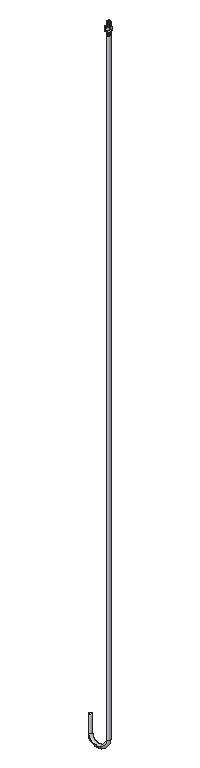
Revit family "Turnbuckle Hanger", category Modelos genéricos, Revit 2025 (continued)
Definition of nested family "Rod with Detail"
  Definition of nested family "Rod Part"
    Dimensions and locks
      "Rod radius": radius of SweptBlend 8 sketch curve
      "Rod radius": radius of SweptBlend 9 sketch curve
      "Rod radius": radius of SweptBlend 10 sketch curve
      "Rod radius": radius of SweptBlend 11 sketch curve
      "Rod radius": radius of SweptBlend 12 sketch curve
      "Rod radius": radius of SweptBlend 13 sketch curve
      "Rod radius": radius of SweptBlend 14 sketch curve
      "Rod radius": radius of SweptBlend 15 sketch curve
      "Rod radius": radius of SweptBlend 16 sketch curve
      "Rod radius": radius of SweptBlend 17 sketch curve
      "Rod radius": radius of SweptBlend 18 sketch curve
      "Rod radius": radius of SweptBlend 19 sketch curve
      "Rod radius": radius of SweptBlend 20 sketch curve
      "Rod radius": radius of SweptBlend 21 sketch curve
      "Rod radius": radius of SweptBlend 22 sketch curve
      "Rod radius": radius of SweptBlend 23 sketch curve
      "Rod radius": radius of SweptBlend 24 sketch curve
      "Rod radius": radius of SweptBlend 25 sketch curve
      "Rod radius": radius of SweptBlend 26 sketch curve
      "Rod radius": radius of SweptBlend 27 sketch curve
      "Rod radius": radius of SweptBlend 28 sketch curve
      "Rod radius": radius of SweptBlend 29 sketch curve
      "Rod radius": radius of SweptBlend 30 sketch curve
      "Rod radius": radius of SweptBlend 31 sketch curve
      "Rod radius": radius of SweptBlend 32 sketch curve
      "Rod radius": radius of SweptBlend 33 sketch curve
      "Rod radius": radius of SweptBlend 34 sketch curve
      "Rod radius": radius of SweptBlend 35 sketch curve
      "Rod radius": radius of SweptBlend 36 sketch curve
      "Rod radius": radius of SweptBlend 37 sketch curve
      "Rod radius": radius of SweptBlend 38 sketch curve
      "Rod radius": radius of SweptBlend 39 sketch curve
      "Rod radius": radius of SweptBlend 40 sketch curve
      "Rod radius": radius of SweptBlend 41 sketch curve
      "Rod radius": radius of SweptBlend 42 sketch curve
      "Rod radius": radius of SweptBlend 43 sketch curve
      "Rod radius": radius of SweptBlend 44 sketch curve
      "Rod radius": radius of SweptBlend 45 sketch curve
      "Rod radius": radius of SweptBlend 46 sketch curve
      "Rod radius": radius of SweptBlend 47 sketch curve
      "Rod radius": radius of SweptBlend 48 sketch curve
      "Rod radius": radius of SweptBlend 49 sketch curve
      "Rod radius": radius of SweptBlend 50 sketch curve
      "Rod radius": radius of SweptBlend 51 sketch curve
      "Rod radius": radius of SweptBlend 52 sketch curve
      "Rod radius": radius of SweptBlend 53 sketch curve
      "Rod radius": radius of SweptBlend 54 sketch curve
      "Rod radius": radius of SweptBlend 55 sketch curve
      "Rod radius": radius of SweptBlend 56 sketch curve
      "Rod radius": radius of SweptBlend 57 sketch curve
      "Rod radius": radius of SweptBlend 58 sketch curve
      "Rod radius": radius of SweptBlend 59 sketch curve
      "Rod radius": radius of SweptBlend 60 sketch curve
      "Rod radius": radius of SweptBlend 61 sketch curve
      "Rod radius": radius of SweptBlend 62 sketch curve
      "Rod radius": radius of SweptBlend 63 sketch curve
      "Rod radius": radius of SweptBlend 64 sketch curve
      "Rod radius": radius of SweptBlend 65 sketch curve
      "Rod radius": radius of SweptBlend 66 sketch curve
      "Rod radius": radius of SweptBlend 67 sketch curve
      "Rod radius": radius of SweptBlend 68 sketch curve
      "Rod radius": radius of SweptBlend 69 sketch curve
      "Rod radius": radius of SweptBlend 70 sketch curve
      "Rod radius": radius of SweptBlend 71 sketch curve
      "Rod radius": radius of SweptBlend 72 sketch curve
      "Rod radius": radius of SweptBlend 73 sketch curve
      "Rod radius": radius of SweptBlend 74 sketch curve
      "Rod radius": radius of SweptBlend 75 sketch curve
      "Rod radius": radius of SweptBlend 76 sketch curve
      "Rod radius": radius of SweptBlend 77 sketch curve
      "Rod radius": radius of SweptBlend 78 sketch curve
      "Rod radius": radius of SweptBlend 79 sketch curve
      "Rod radius": radius of SweptBlend 80 sketch curve
      "Rod radius": radius of SweptBlend 81 sketch curve
      "Rod radius": radius of SweptBlend 82 sketch curve
      "Rod radius": radius of SweptBlend 83 sketch curve
      "Rod radius": radius of SweptBlend 84 sketch curve
      "Rod radius": radius of SweptBlend 85 sketch curve
      "Rod radius": radius of SweptBlend 86 sketch curve
      "Rod radius": radius of SweptBlend 87 sketch curve
      "Rod radius": radius of SweptBlend 88 sketch curve
      "Rod radius": radius of SweptBlend 89 sketch curve
      "Rod radius": radius of SweptBlend 90 sketch curve
      "Rod radius": radius of SweptBlend 91 sketch curve
      "Rod radius": radius of SweptBlend 92 sketch curve
      "Rod radius": radius of SweptBlend 93 sketch curve
      "Rod radius": radius of SweptBlend 94 sketch curve
      "Rod radius": radius of SweptBlend 95 sketch curve
      "Rod radius": radius of SweptBlend 96 sketch curve
      "Rod radius": radius of SweptBlend 97 sketch curve
      "Rod radius": radius of SweptBlend 98 sketch curve
      "Rod radius": radius of SweptBlend 99 sketch curve
      "Rod radius": radius of SweptBlend 100 sketch curve
      "Rod radius": radius of SweptBlend 101 sketch curve
      "Rod radius": radius of SweptBlend 102 sketch curve
      "Rod radius": radius of SweptBlend 103 sketch curve
      "Rod radius": radius of SweptBlend 104 sketch curve
      "Rod radius": radius of SweptBlend 105 sketch curve
      aligned and locked: plane 2 to Extrusion 1
      aligned and locked: level to Extrusion 1
    Automatic sketch dimensions
      Extrusion 1 sketch curve to Extrusion 1 sketch curve = 2438.4 mm  (x2)
      SweptBlend 3 sketch curve to profile plane = 0 mm
      SweptBlend 3 sketch curve to profile plane = 1.299 mm  (x2)
      profile plane to SweptBlend 3 sketch curve = 11.25 mm
      SweptBlend 3 sketch curve to SweptBlend 3 sketch curve = 0.75 mm  (x4)
      profile plane to SweptBlend 3 sketch curve = 12 mm
      profile plane to SweptBlend 2 sketch curve = 0 mm
      profile plane to SweptBlend 2 sketch curve = 1.299 mm  (x2)
      profile plane to SweptBlend 2 sketch curve = 9.75 mm
      SweptBlend 2 sketch curve to SweptBlend 2 sketch curve = 0.75 mm  (x2)
      SweptBlend 2 sketch curve to SweptBlend 2 sketch curve = 1.5 mm  (x2)
      profile plane to SweptBlend 2 sketch curve = 9 mm
      SweptBlend 2 sketch curve to profile plane = 0 mm
      profile plane to SweptBlend 3 sketch curve = 0 mm
      SweptBlend 5 sketch curve to profile plane = 0 mm
      SweptBlend 5 sketch curve to profile plane = 1.299 mm  (x2)
      profile plane to SweptBlend 5 sketch curve = 11.25 mm
      SweptBlend 5 sketch curve to SweptBlend 5 sketch curve = 0.75 mm  (x4)
      profile plane to SweptBlend 5 sketch curve = 12 mm
      profile plane to SweptBlend 4 sketch curve = 0 mm
      profile plane to SweptBlend 4 sketch curve = 1.299 mm  (x2)
      profile plane to SweptBlend 4 sketch curve = 9.75 mm
      SweptBlend 4 sketch curve to SweptBlend 4 sketch curve = 0.75 mm  (x2)
      SweptBlend 4 sketch curve to SweptBlend 4 sketch curve = 1.5 mm  (x2)
      profile plane to SweptBlend 4 sketch curve = 9 mm
      SweptBlend 4 sketch curve to profile plane = 0 mm
      profile plane to SweptBlend 5 sketch curve = 0 mm
      SweptBlend 7 sketch curve to profile plane = 0 mm
      SweptBlend 7 sketch curve to profile plane = 1.299 mm  (x2)
      profile plane to SweptBlend 7 sketch curve = 11.25 mm
      SweptBlend 7 sketch curve to SweptBlend 7 sketch curve = 0.75 mm  (x4)
      profile plane to SweptBlend 7 sketch curve = 12 mm
      profile plane to SweptBlend 6 sketch curve = 0 mm
      profile plane to SweptBlend 6 sketch curve = 1.299 mm  (x2)
      profile plane to SweptBlend 6 sketch curve = 9.75 mm
      SweptBlend 6 sketch curve to SweptBlend 6 sketch curve = 0.75 mm  (x2)
      SweptBlend 6 sketch curve to SweptBlend 6 sketch curve = 1.5 mm  (x2)
      profile plane to SweptBlend 6 sketch curve = 9 mm
      SweptBlend 6 sketch curve to profile plane = 0 mm
      profile plane to SweptBlend 7 sketch curve = 0 mm
      SweptBlend 9 sketch curve to profile plane = 0 mm
      SweptBlend 9 sketch curve to profile plane = 1.299 mm  (x2)
      profile plane to SweptBlend 9 sketch curve = 11.25 mm
      SweptBlend 9 sketch curve to SweptBlend 9 sketch curve = 0.75 mm  (x4)
      profile plane to SweptBlend 9 sketch curve = 12 mm
      profile plane to SweptBlend 8 sketch curve = 0 mm
      profile plane to SweptBlend 8 sketch curve = 1.299 mm  (x2)
      profile plane to SweptBlend 8 sketch curve = 9.75 mm
      SweptBlend 8 sketch curve to SweptBlend 8 sketch curve = 0.75 mm  (x2)
      SweptBlend 8 sketch curve to SweptBlend 8 sketch curve = 1.5 mm  (x2)
      profile plane to SweptBlend 8 sketch curve = 9 mm
      SweptBlend 8 sketch curve to profile plane = 0 mm
      profile plane to SweptBlend 9 sketch curve = 0 mm
      SweptBlend 11 sketch curve to profile plane = 0 mm
      SweptBlend 11 sketch curve to profile plane = 1.299 mm  (x2)
      profile plane to SweptBlend 11 sketch curve = 11.25 mm
      SweptBlend 11 sketch curve to SweptBlend 11 sketch curve = 0.75 mm  (x4)
      profile plane to SweptBlend 11 sketch curve = 12 mm
      profile plane to SweptBlend 10 sketch curve = 0 mm
      profile plane to SweptBlend 10 sketch curve = 1.299 mm  (x2)
      profile plane to SweptBlend 10 sketch curve = 9.75 mm
      SweptBlend 10 sketch curve to SweptBlend 10 sketch curve = 0.75 mm  (x2)
      SweptBlend 10 sketch curve to SweptBlend 10 sketch curve = 1.5 mm  (x2)
      profile plane to SweptBlend 10 sketch curve = 9 mm
      SweptBlend 10 sketch curve to profile plane = 0 mm
      profile plane to SweptBlend 11 sketch curve = 0 mm
      SweptBlend 13 sketch curve to profile plane = 0 mm
      SweptBlend 13 sketch curve to profile plane = 1.299 mm  (x2)
      profile plane to SweptBlend 13 sketch curve = 11.25 mm
      SweptBlend 13 sketch curve to SweptBlend 13 sketch curve = 0.75 mm  (x4)
      profile plane to SweptBlend 13 sketch curve = 12 mm
      profile plane to SweptBlend 12 sketch curve = 0 mm
      profile plane to SweptBlend 12 sketch curve = 1.299 mm  (x2)
      profile plane to SweptBlend 12 sketch curve = 9.75 mm
      SweptBlend 12 sketch curve to SweptBlend 12 sketch curve = 0.75 mm  (x2)
      SweptBlend 12 sketch curve to SweptBlend 12 sketch curve = 1.5 mm  (x2)
      profile plane to SweptBlend 12 sketch curve = 9 mm
      SweptBlend 12 sketch curve to profile plane = 0 mm
      profile plane to SweptBlend 13 sketch curve = 0 mm
      SweptBlend 15 sketch curve to profile plane = 0 mm
      SweptBlend 15 sketch curve to profile plane = 1.299 mm  (x2)
      profile plane to SweptBlend 15 sketch curve = 11.25 mm
      SweptBlend 15 sketch curve to SweptBlend 15 sketch curve = 0.75 mm  (x4)
      profile plane to SweptBlend 15 sketch curve = 12 mm
      profile plane to SweptBlend 14 sketch curve = 0 mm
      profile plane to SweptBlend 14 sketch curve = 1.299 mm  (x2)
      profile plane to SweptBlend 14 sketch curve = 9.75 mm
      SweptBlend 14 sketch curve to SweptBlend 14 sketch curve = 0.75 mm  (x2)
      SweptBlend 14 sketch curve to SweptBlend 14 sketch curve = 1.5 mm  (x2)
      profile plane to SweptBlend 14 sketch curve = 9 mm
      SweptBlend 14 sketch curve to profile plane = 0 mm
      profile plane to SweptBlend 15 sketch curve = 0 mm
      SweptBlend 17 sketch curve to profile plane = 0 mm
      SweptBlend 17 sketch curve to profile plane = 1.299 mm  (x2)
      profile plane to SweptBlend 17 sketch curve = 11.25 mm
      SweptBlend 17 sketch curve to SweptBlend 17 sketch curve = 0.75 mm  (x4)
      profile plane to SweptBlend 17 sketch curve = 12 mm
      profile plane to SweptBlend 16 sketch curve = 0 mm
      profile plane to SweptBlend 16 sketch curve = 1.299 mm  (x2)
      profile plane to SweptBlend 16 sketch curve = 9.75 mm
      SweptBlend 16 sketch curve to SweptBlend 16 sketch curve = 0.75 mm  (x2)
      SweptBlend 16 sketch curve to SweptBlend 16 sketch curve = 1.5 mm  (x2)
      profile plane to SweptBlend 16 sketch curve = 9 mm
      SweptBlend 16 sketch curve to profile plane = 0 mm
      profile plane to SweptBlend 17 sketch curve = 0 mm
      SweptBlend 19 sketch curve to profile plane = 0 mm
      SweptBlend 19 sketch curve to profile plane = 1.299 mm  (x2)
      profile plane to SweptBlend 19 sketch curve = 11.25 mm
      SweptBlend 19 sketch curve to SweptBlend 19 sketch curve = 0.75 mm  (x4)
      profile plane to SweptBlend 19 sketch curve = 12 mm
      profile plane to SweptBlend 18 sketch curve = 0 mm
      profile plane to SweptBlend 18 sketch curve = 1.299 mm  (x2)
      profile plane to SweptBlend 18 sketch curve = 9.75 mm
      SweptBlend 18 sketch curve to SweptBlend 18 sketch curve = 0.75 mm  (x2)
      SweptBlend 18 sketch curve to SweptBlend 18 sketch curve = 1.5 mm  (x2)
      profile plane to SweptBlend 18 sketch curve = 9 mm
      SweptBlend 18 sketch curve to profile plane = 0 mm
      profile plane to SweptBlend 19 sketch curve = 0 mm
      SweptBlend 21 sketch curve to profile plane = 0 mm
      SweptBlend 21 sketch curve to profile plane = 1.299 mm  (x2)
      profile plane to SweptBlend 21 sketch curve = 11.25 mm
      SweptBlend 21 sketch curve to SweptBlend 21 sketch curve = 0.75 mm  (x4)
      profile plane to SweptBlend 21 sketch curve = 12 mm
      profile plane to SweptBlend 20 sketch curve = 0 mm
      profile plane to SweptBlend 20 sketch curve = 1.299 mm  (x2)
      profile plane to SweptBlend 20 sketch curve = 9.75 mm
      SweptBlend 20 sketch curve to SweptBlend 20 sketch curve = 0.75 mm  (x2)
      SweptBlend 20 sketch curve to SweptBlend 20 sketch curve = 1.5 mm  (x2)
      profile plane to SweptBlend 20 sketch curve = 9 mm
      SweptBlend 20 sketch curve to profile plane = 0 mm
      profile plane to SweptBlend 21 sketch curve = 0 mm
      SweptBlend 23 sketch curve to profile plane = 0 mm
      SweptBlend 23 sketch curve to profile plane = 1.299 mm  (x2)
      profile plane to SweptBlend 23 sketch curve = 11.25 mm
      SweptBlend 23 sketch curve to SweptBlend 23 sketch curve = 0.75 mm  (x4)
      profile plane to SweptBlend 23 sketch curve = 12 mm
      profile plane to SweptBlend 22 sketch curve = 0 mm
      profile plane to SweptBlend 22 sketch curve = 1.299 mm  (x2)
      profile plane to SweptBlend 22 sketch curve = 9.75 mm
      SweptBlend 22 sketch curve to SweptBlend 22 sketch curve = 0.75 mm  (x2)
      SweptBlend 22 sketch curve to SweptBlend 22 sketch curve = 1.5 mm  (x2)
      profile plane to SweptBlend 22 sketch curve = 9 mm
      SweptBlend 22 sketch curve to profile plane = 0 mm
      profile plane to SweptBlend 23 sketch curve = 0 mm
      SweptBlend 25 sketch curve to profile plane = 0 mm
      SweptBlend 25 sketch curve to profile plane = 1.299 mm  (x2)
      profile plane to SweptBlend 25 sketch curve = 11.25 mm
      SweptBlend 25 sketch curve to SweptBlend 25 sketch curve = 0.75 mm  (x4)
      profile plane to SweptBlend 25 sketch curve = 12 mm
      profile plane to SweptBlend 24 sketch curve = 0 mm
      profile plane to SweptBlend 24 sketch curve = 1.299 mm  (x2)
      profile plane to SweptBlend 24 sketch curve = 9.75 mm
      SweptBlend 24 sketch curve to SweptBlend 24 sketch curve = 0.75 mm  (x2)
      SweptBlend 24 sketch curve to SweptBlend 24 sketch curve = 1.5 mm  (x2)
      profile plane to SweptBlend 24 sketch curve = 9 mm
      SweptBlend 24 sketch curve to profile plane = 0 mm
      profile plane to SweptBlend 25 sketch curve = 0 mm
      SweptBlend 27 sketch curve to profile plane = 0 mm
      SweptBlend 27 sketch curve to profile plane = 1.299 mm  (x2)
      profile plane to SweptBlend 27 sketch curve = 11.25 mm
      SweptBlend 27 sketch curve to SweptBlend 27 sketch curve = 0.75 mm  (x4)
      profile plane to SweptBlend 27 sketch curve = 12 mm
      profile plane to SweptBlend 26 sketch curve = 0 mm
      profile plane to SweptBlend 26 sketch curve = 1.299 mm  (x2)
      profile plane to SweptBlend 26 sketch curve = 9.75 mm
      SweptBlend 26 sketch curve to SweptBlend 26 sketch curve = 0.75 mm  (x2)
      SweptBlend 26 sketch curve to SweptBlend 26 sketch curve = 1.5 mm  (x2)
      profile plane to SweptBlend 26 sketch curve = 9 mm
      SweptBlend 26 sketch curve to profile plane = 0 mm
      profile plane to SweptBlend 27 sketch curve = 0 mm
      SweptBlend 29 sketch curve to profile plane = 0 mm
      SweptBlend 29 sketch curve to profile plane = 1.299 mm  (x2)
      profile plane to SweptBlend 29 sketch curve = 11.25 mm
      SweptBlend 29 sketch curve to SweptBlend 29 sketch curve = 0.75 mm  (x4)
      profile plane to SweptBlend 29 sketch curve = 12 mm
      profile plane to SweptBlend 28 sketch curve = 0 mm
      profile plane to SweptBlend 28 sketch curve = 1.299 mm  (x2)
      profile plane to SweptBlend 28 sketch curve = 9.75 mm
      SweptBlend 28 sketch curve to SweptBlend 28 sketch curve = 0.75 mm  (x2)
      SweptBlend 28 sketch curve to SweptBlend 28 sketch curve = 1.5 mm  (x2)
      profile plane to SweptBlend 28 sketch curve = 9 mm
      SweptBlend 28 sketch curve to profile plane = 0 mm
      profile plane to SweptBlend 29 sketch curve = 0 mm
      SweptBlend 31 sketch curve to profile plane = 0 mm
      SweptBlend 31 sketch curve to profile plane = 1.299 mm  (x2)
      profile plane to SweptBlend 31 sketch curve = 11.25 mm
      SweptBlend 31 sketch curve to SweptBlend 31 sketch curve = 0.75 mm  (x4)
      profile plane to SweptBlend 31 sketch curve = 12 mm
      profile plane to SweptBlend 30 sketch curve = 0 mm
      profile plane to SweptBlend 30 sketch curve = 1.299 mm  (x2)
      profile plane to SweptBlend 30 sketch curve = 9.75 mm
      SweptBlend 30 sketch curve to SweptBlend 30 sketch curve = 0.75 mm  (x2)
      SweptBlend 30 sketch curve to SweptBlend 30 sketch curve = 1.5 mm  (x2)
      profile plane to SweptBlend 30 sketch curve = 9 mm
      SweptBlend 30 sketch curve to profile plane = 0 mm
      profile plane to SweptBlend 31 sketch curve = 0 mm
      SweptBlend 33 sketch curve to profile plane = 0 mm
      SweptBlend 33 sketch curve to profile plane = 1.299 mm  (x2)
      profile plane to SweptBlend 33 sketch curve = 11.25 mm
      SweptBlend 33 sketch curve to SweptBlend 33 sketch curve = 0.75 mm  (x4)
      profile plane to SweptBlend 33 sketch curve = 12 mm
      profile plane to SweptBlend 32 sketch curve = 0 mm
      profile plane to SweptBlend 32 sketch curve = 1.299 mm  (x2)
      profile plane to SweptBlend 32 sketch curve = 9.75 mm
      SweptBlend 32 sketch curve to SweptBlend 32 sketch curve = 0.75 mm  (x2)
      SweptBlend 32 sketch curve to SweptBlend 32 sketch curve = 1.5 mm  (x2)
      profile plane to SweptBlend 32 sketch curve = 9 mm
      SweptBlend 32 sketch curve to profile plane = 0 mm
      profile plane to SweptBlend 33 sketch curve = 0 mm
      SweptBlend 35 sketch curve to profile plane = 0 mm
      SweptBlend 35 sketch curve to profile plane = 1.299 mm  (x2)
      profile plane to SweptBlend 35 sketch curve = 11.25 mm
      SweptBlend 35 sketch curve to SweptBlend 35 sketch curve = 0.75 mm  (x4)
      profile plane to SweptBlend 35 sketch curve = 12 mm
      profile plane to SweptBlend 34 sketch curve = 0 mm
      profile plane to SweptBlend 34 sketch curve = 1.299 mm  (x2)
      profile plane to SweptBlend 34 sketch curve = 9.75 mm
      SweptBlend 34 sketch curve to SweptBlend 34 sketch curve = 0.75 mm  (x2)
      SweptBlend 34 sketch curve to SweptBlend 34 sketch curve = 1.5 mm  (x2)
      profile plane to SweptBlend 34 sketch curve = 9 mm
      SweptBlend 34 sketch curve to profile plane = 0 mm
      profile plane to SweptBlend 35 sketch curve = 0 mm
      SweptBlend 37 sketch curve to profile plane = 0 mm
      SweptBlend 37 sketch curve to profile plane = 1.299 mm  (x2)
      profile plane to SweptBlend 37 sketch curve = 11.25 mm
      SweptBlend 37 sketch curve to SweptBlend 37 sketch curve = 0.75 mm  (x4)
      profile plane to SweptBlend 37 sketch curve = 12 mm
      profile plane to SweptBlend 36 sketch curve = 0 mm
      profile plane to SweptBlend 36 sketch curve = 1.299 mm  (x2)
      profile plane to SweptBlend 36 sketch curve = 9.75 mm
      SweptBlend 36 sketch curve to SweptBlend 36 sketch curve = 0.75 mm  (x2)
      SweptBlend 36 sketch curve to SweptBlend 36 sketch curve = 1.5 mm  (x2)
      profile plane to SweptBlend 36 sketch curve = 9 mm
      SweptBlend 36 sketch curve to profile plane = 0 mm
      profile plane to SweptBlend 37 sketch curve = 0 mm
      SweptBlend 39 sketch curve to profile plane = 0 mm
      SweptBlend 39 sketch curve to profile plane = 1.299 mm  (x2)
      profile plane to SweptBlend 39 sketch curve = 11.25 mm
      SweptBlend 39 sketch curve to SweptBlend 39 sketch curve = 0.75 mm  (x4)
      profile plane to SweptBlend 39 sketch curve = 12 mm
      profile plane to SweptBlend 38 sketch curve = 0 mm
      profile plane to SweptBlend 38 sketch curve = 1.299 mm  (x2)
      profile plane to SweptBlend 38 sketch curve = 9.75 mm
      SweptBlend 38 sketch curve to SweptBlend 38 sketch curve = 0.75 mm  (x2)
      SweptBlend 38 sketch curve to SweptBlend 38 sketch curve = 1.5 mm  (x2)
      profile plane to SweptBlend 38 sketch curve = 9 mm
      SweptBlend 38 sketch curve to profile plane = 0 mm
      profile plane to SweptBlend 39 sketch curve = 0 mm
      SweptBlend 41 sketch curve to profile plane = 0 mm
      SweptBlend 41 sketch curve to profile plane = 1.299 mm  (x2)
      profile plane to SweptBlend 41 sketch curve = 11.25 mm
      SweptBlend 41 sketch curve to SweptBlend 41 sketch curve = 0.75 mm  (x4)
      profile plane to SweptBlend 41 sketch curve = 12 mm
      profile plane to SweptBlend 40 sketch curve = 0 mm
      profile plane to SweptBlend 40 sketch curve = 1.299 mm  (x2)
      profile plane to SweptBlend 40 sketch curve = 9.75 mm
      SweptBlend 40 sketch curve to SweptBlend 40 sketch curve = 0.75 mm  (x2)
      SweptBlend 40 sketch curve to SweptBlend 40 sketch curve = 1.5 mm  (x2)
      profile plane to SweptBlend 40 sketch curve = 9 mm
      SweptBlend 40 sketch curve to profile plane = 0 mm
      profile plane to SweptBlend 41 sketch curve = 0 mm
      SweptBlend 43 sketch curve to profile plane = 0 mm
      SweptBlend 43 sketch curve to profile plane = 1.299 mm  (x2)
      profile plane to SweptBlend 43 sketch curve = 11.25 mm
      SweptBlend 43 sketch curve to SweptBlend 43 sketch curve = 0.75 mm  (x4)
      profile plane to SweptBlend 43 sketch curve = 12 mm
      profile plane to SweptBlend 42 sketch curve = 0 mm
      profile plane to SweptBlend 42 sketch curve = 1.299 mm  (x2)
      profile plane to SweptBlend 42 sketch curve = 9.75 mm
      SweptBlend 42 sketch curve to SweptBlend 42 sketch curve = 0.75 mm  (x2)
      SweptBlend 42 sketch curve to SweptBlend 42 sketch curve = 1.5 mm  (x2)
      profile plane to SweptBlend 42 sketch curve = 9 mm
      SweptBlend 42 sketch curve to profile plane = 0 mm
      profile plane to SweptBlend 43 sketch curve = 0 mm
      SweptBlend 45 sketch curve to profile plane = 0 mm
      SweptBlend 45 sketch curve to profile plane = 1.299 mm  (x2)
      profile plane to SweptBlend 45 sketch curve = 11.25 mm
      SweptBlend 45 sketch curve to SweptBlend 45 sketch curve = 0.75 mm  (x4)
      profile plane to SweptBlend 45 sketch curve = 12 mm
      profile plane to SweptBlend 44 sketch curve = 0 mm
      profile plane to SweptBlend 44 sketch curve = 1.299 mm  (x2)
      profile plane to SweptBlend 44 sketch curve = 9.75 mm
      SweptBlend 44 sketch curve to SweptBlend 44 sketch curve = 0.75 mm  (x2)
      SweptBlend 44 sketch curve to SweptBlend 44 sketch curve = 1.5 mm  (x2)
      profile plane to SweptBlend 44 sketch curve = 9 mm
      SweptBlend 44 sketch curve to profile plane = 0 mm
      profile plane to SweptBlend 45 sketch curve = 0 mm
      SweptBlend 47 sketch curve to profile plane = 0 mm
      SweptBlend 47 sketch curve to profile plane = 1.299 mm  (x2)
      profile plane to SweptBlend 47 sketch curve = 11.25 mm
      SweptBlend 47 sketch curve to SweptBlend 47 sketch curve = 0.75 mm  (x4)
      profile plane to SweptBlend 47 sketch curve = 12 mm
      profile plane to SweptBlend 46 sketch curve = 0 mm
      profile plane to SweptBlend 46 sketch curve = 1.299 mm  (x2)
      profile plane to SweptBlend 46 sketch curve = 9.75 mm
      SweptBlend 46 sketch curve to SweptBlend 46 sketch curve = 0.75 mm  (x2)
      SweptBlend 46 sketch curve to SweptBlend 46 sketch curve = 1.5 mm  (x2)
      profile plane to SweptBlend 46 sketch curve = 9 mm
      SweptBlend 46 sketch curve to profile plane = 0 mm
      profile plane to SweptBlend 47 sketch curve = 0 mm
      SweptBlend 49 sketch curve to profile plane = 0 mm
      SweptBlend 49 sketch curve to profile plane = 1.299 mm  (x2)
      profile plane to SweptBlend 49 sketch curve = 11.25 mm
      SweptBlend 49 sketch curve to SweptBlend 49 sketch curve = 0.75 mm  (x4)
      profile plane to SweptBlend 49 sketch curve = 12 mm
      profile plane to SweptBlend 48 sketch curve = 0 mm
      profile plane to SweptBlend 48 sketch curve = 1.299 mm  (x2)
      profile plane to SweptBlend 48 sketch curve = 9.75 mm
      SweptBlend 48 sketch curve to SweptBlend 48 sketch curve = 0.75 mm  (x2)
      SweptBlend 48 sketch curve to SweptBlend 48 sketch curve = 1.5 mm  (x2)
      profile plane to SweptBlend 48 sketch curve = 9 mm
      SweptBlend 48 sketch curve to profile plane = 0 mm
      profile plane to SweptBlend 49 sketch curve = 0 mm
      SweptBlend 51 sketch curve to profile plane = 0 mm
      SweptBlend 51 sketch curve to profile plane = 1.299 mm  (x2)
      profile plane to SweptBlend 51 sketch curve = 11.25 mm
      SweptBlend 51 sketch curve to SweptBlend 51 sketch curve = 0.75 mm  (x4)
      profile plane to SweptBlend 51 sketch curve = 12 mm
      profile plane to SweptBlend 50 sketch curve = 0 mm
      profile plane to SweptBlend 50 sketch curve = 1.299 mm  (x2)
      profile plane to SweptBlend 50 sketch curve = 9.75 mm
      SweptBlend 50 sketch curve to SweptBlend 50 sketch curve = 0.75 mm  (x2)
      SweptBlend 50 sketch curve to SweptBlend 50 sketch curve = 1.5 mm  (x2)
      profile plane to SweptBlend 50 sketch curve = 9 mm
      SweptBlend 50 sketch curve to profile plane = 0 mm
      profile plane to SweptBlend 51 sketch curve = 0 mm
      SweptBlend 53 sketch curve to profile plane = 0 mm
      SweptBlend 53 sketch curve to profile plane = 1.299 mm  (x2)
      profile plane to SweptBlend 53 sketch curve = 11.25 mm
      SweptBlend 53 sketch curve to SweptBlend 53 sketch curve = 0.75 mm  (x4)
      profile plane to SweptBlend 53 sketch curve = 12 mm
      profile plane to SweptBlend 52 sketch curve = 0 mm
      profile plane to SweptBlend 52 sketch curve = 1.299 mm  (x2)
      profile plane to SweptBlend 52 sketch curve = 9.75 mm
      SweptBlend 52 sketch curve to SweptBlend 52 sketch curve = 0.75 mm  (x2)
      SweptBlend 52 sketch curve to SweptBlend 52 sketch curve = 1.5 mm  (x2)
      profile plane to SweptBlend 52 sketch curve = 9 mm
      SweptBlend 52 sketch curve to profile plane = 0 mm
      profile plane to SweptBlend 53 sketch curve = 0 mm
      profile plane to SweptBlend 54 sketch curve = 0 mm
      SweptBlend 54 sketch curve to profile plane = 1.299 mm  (x2)
      profile plane to SweptBlend 54 sketch curve = 12 mm
      SweptBlend 54 sketch curve to SweptBlend 54 sketch curve = 0.75 mm  (x4)
      SweptBlend 54 sketch curve to profile plane = 0 mm
      profile plane to SweptBlend 54 sketch curve = 11.25 mm
      profile plane to SweptBlend 55 sketch curve = 0 mm
      SweptBlend 55 sketch curve to profile plane = 1.299 mm  (x2)
      profile plane to SweptBlend 55 sketch curve = 12 mm
      SweptBlend 55 sketch curve to SweptBlend 55 sketch curve = 0.75 mm  (x4)
      SweptBlend 55 sketch curve to profile plane = 0 mm
      profile plane to SweptBlend 55 sketch curve = 11.25 mm
      profile plane to SweptBlend 56 sketch curve = 0 mm
      SweptBlend 56 sketch curve to profile plane = 1.299 mm  (x2)
      profile plane to SweptBlend 56 sketch curve = 12 mm
      SweptBlend 56 sketch curve to SweptBlend 56 sketch curve = 0.75 mm  (x4)
      SweptBlend 56 sketch curve to profile plane = 0 mm
      profile plane to SweptBlend 56 sketch curve = 11.25 mm
      profile plane to SweptBlend 57 sketch curve = 0 mm
      SweptBlend 57 sketch curve to profile plane = 1.299 mm  (x2)
      profile plane to SweptBlend 57 sketch curve = 12 mm
      SweptBlend 57 sketch curve to SweptBlend 57 sketch curve = 0.75 mm  (x4)
      SweptBlend 57 sketch curve to profile plane = 0 mm
      profile plane to SweptBlend 57 sketch curve = 11.25 mm
      profile plane to SweptBlend 58 sketch curve = 0 mm
      SweptBlend 58 sketch curve to profile plane = 1.299 mm  (x2)
      profile plane to SweptBlend 58 sketch curve = 12 mm
      SweptBlend 58 sketch curve to SweptBlend 58 sketch curve = 0.75 mm  (x4)
      SweptBlend 58 sketch curve to profile plane = 0 mm
      profile plane to SweptBlend 58 sketch curve = 11.25 mm
      profile plane to SweptBlend 59 sketch curve = 0 mm
      SweptBlend 59 sketch curve to profile plane = 1.299 mm  (x2)
      profile plane to SweptBlend 59 sketch curve = 12 mm
      SweptBlend 59 sketch curve to SweptBlend 59 sketch curve = 0.75 mm  (x4)
      SweptBlend 59 sketch curve to profile plane = 0 mm
      profile plane to SweptBlend 59 sketch curve = 11.25 mm
      profile plane to SweptBlend 60 sketch curve = 0 mm
      SweptBlend 60 sketch curve to profile plane = 1.299 mm  (x2)
      profile plane to SweptBlend 60 sketch curve = 12 mm
      SweptBlend 60 sketch curve to SweptBlend 60 sketch curve = 0.75 mm  (x4)
      SweptBlend 60 sketch curve to profile plane = 0 mm
      profile plane to SweptBlend 60 sketch curve = 11.25 mm
      profile plane to SweptBlend 61 sketch curve = 0 mm
      SweptBlend 61 sketch curve to profile plane = 1.299 mm  (x2)
      profile plane to SweptBlend 61 sketch curve = 12 mm
      SweptBlend 61 sketch curve to SweptBlend 61 sketch curve = 0.75 mm  (x4)
      SweptBlend 61 sketch curve to profile plane = 0 mm
      profile plane to SweptBlend 61 sketch curve = 11.25 mm
      profile plane to SweptBlend 62 sketch curve = 0 mm
      SweptBlend 62 sketch curve to profile plane = 1.299 mm  (x2)
      profile plane to SweptBlend 62 sketch curve = 12 mm
      SweptBlend 62 sketch curve to SweptBlend 62 sketch curve = 0.75 mm  (x4)
      SweptBlend 62 sketch curve to profile plane = 0 mm
      profile plane to SweptBlend 62 sketch curve = 11.25 mm
      profile plane to SweptBlend 63 sketch curve = 0 mm
      SweptBlend 63 sketch curve to profile plane = 1.299 mm  (x2)
      profile plane to SweptBlend 63 sketch curve = 12 mm
      SweptBlend 63 sketch curve to SweptBlend 63 sketch curve = 0.75 mm  (x4)
      SweptBlend 63 sketch curve to profile plane = 0 mm
      profile plane to SweptBlend 63 sketch curve = 11.25 mm
      profile plane to SweptBlend 64 sketch curve = 0 mm
      SweptBlend 64 sketch curve to profile plane = 1.299 mm  (x2)
      profile plane to SweptBlend 64 sketch curve = 12 mm
      SweptBlend 64 sketch curve to SweptBlend 64 sketch curve = 0.75 mm  (x4)
      SweptBlend 64 sketch curve to profile plane = 0 mm
      profile plane to SweptBlend 64 sketch curve = 11.25 mm
      profile plane to SweptBlend 65 sketch curve = 0 mm
      SweptBlend 65 sketch curve to profile plane = 1.299 mm  (x2)
      profile plane to SweptBlend 65 sketch curve = 12 mm
      SweptBlend 65 sketch curve to SweptBlend 65 sketch curve = 0.75 mm  (x4)
      SweptBlend 65 sketch curve to profile plane = 0 mm
      profile plane to SweptBlend 65 sketch curve = 11.25 mm
      profile plane to SweptBlend 66 sketch curve = 0 mm
      SweptBlend 66 sketch curve to profile plane = 1.299 mm  (x2)
      profile plane to SweptBlend 66 sketch curve = 12 mm
      SweptBlend 66 sketch curve to SweptBlend 66 sketch curve = 0.75 mm  (x4)
      SweptBlend 66 sketch curve to profile plane = 0 mm
      profile plane to SweptBlend 66 sketch curve = 11.25 mm
      profile plane to SweptBlend 67 sketch curve = 0 mm
      SweptBlend 67 sketch curve to profile plane = 1.299 mm  (x2)
      profile plane to SweptBlend 67 sketch curve = 12 mm
      SweptBlend 67 sketch curve to SweptBlend 67 sketch curve = 0.75 mm  (x4)
      SweptBlend 67 sketch curve to profile plane = 0 mm
      profile plane to SweptBlend 67 sketch curve = 11.25 mm
      profile plane to SweptBlend 68 sketch curve = 0 mm
      SweptBlend 68 sketch curve to profile plane = 1.299 mm  (x2)
      profile plane to SweptBlend 68 sketch curve = 12 mm
      SweptBlend 68 sketch curve to SweptBlend 68 sketch curve = 0.75 mm  (x4)
      SweptBlend 68 sketch curve to profile plane = 0 mm
      profile plane to SweptBlend 68 sketch curve = 11.25 mm
      profile plane to SweptBlend 69 sketch curve = 0 mm
      SweptBlend 69 sketch curve to profile plane = 1.299 mm  (x2)
      profile plane to SweptBlend 69 sketch curve = 12 mm
      SweptBlend 69 sketch curve to SweptBlend 69 sketch curve = 0.75 mm  (x4)
      SweptBlend 69 sketch curve to profile plane = 0 mm
      profile plane to SweptBlend 69 sketch curve = 11.25 mm
      profile plane to SweptBlend 70 sketch curve = 0 mm
      SweptBlend 70 sketch curve to profile plane = 1.299 mm  (x2)
      profile plane to SweptBlend 70 sketch curve = 12 mm
      SweptBlend 70 sketch curve to SweptBlend 70 sketch curve = 0.75 mm  (x4)
      SweptBlend 70 sketch curve to profile plane = 0 mm
      profile plane to SweptBlend 70 sketch curve = 11.25 mm
      profile plane to SweptBlend 71 sketch curve = 0 mm
      SweptBlend 71 sketch curve to profile plane = 1.299 mm  (x2)
      profile plane to SweptBlend 71 sketch curve = 12 mm
      SweptBlend 71 sketch curve to SweptBlend 71 sketch curve = 0.75 mm  (x4)
      SweptBlend 71 sketch curve to profile plane = 0 mm
      profile plane to SweptBlend 71 sketch curve = 11.25 mm
      profile plane to SweptBlend 72 sketch curve = 0 mm
      SweptBlend 72 sketch curve to profile plane = 1.299 mm  (x2)
      profile plane to SweptBlend 72 sketch curve = 12 mm
      SweptBlend 72 sketch curve to SweptBlend 72 sketch curve = 0.75 mm  (x4)
      SweptBlend 72 sketch curve to profile plane = 0 mm
      profile plane to SweptBlend 72 sketch curve = 11.25 mm
      profile plane to SweptBlend 73 sketch curve = 0 mm
      SweptBlend 73 sketch curve to profile plane = 1.299 mm  (x2)
      profile plane to SweptBlend 73 sketch curve = 12 mm
      SweptBlend 73 sketch curve to SweptBlend 73 sketch curve = 0.75 mm  (x4)
      SweptBlend 73 sketch curve to profile plane = 0 mm
      profile plane to SweptBlend 73 sketch curve = 11.25 mm
      profile plane to SweptBlend 74 sketch curve = 0 mm
      SweptBlend 74 sketch curve to profile plane = 1.299 mm  (x2)
      profile plane to SweptBlend 74 sketch curve = 12 mm
      SweptBlend 74 sketch curve to SweptBlend 74 sketch curve = 0.75 mm  (x4)
      SweptBlend 74 sketch curve to profile plane = 0 mm
      profile plane to SweptBlend 74 sketch curve = 11.25 mm
      profile plane to SweptBlend 75 sketch curve = 0 mm
      SweptBlend 75 sketch curve to profile plane = 1.299 mm  (x2)
      profile plane to SweptBlend 75 sketch curve = 12 mm
      SweptBlend 75 sketch curve to SweptBlend 75 sketch curve = 0.75 mm  (x4)
      SweptBlend 75 sketch curve to profile plane = 0 mm
      profile plane to SweptBlend 75 sketch curve = 11.25 mm
      profile plane to SweptBlend 76 sketch curve = 0 mm
      SweptBlend 76 sketch curve to profile plane = 1.299 mm  (x2)
      profile plane to SweptBlend 76 sketch curve = 12 mm
      SweptBlend 76 sketch curve to SweptBlend 76 sketch curve = 0.75 mm  (x4)
      SweptBlend 76 sketch curve to profile plane = 0 mm
      profile plane to SweptBlend 76 sketch curve = 11.25 mm
      profile plane to SweptBlend 77 sketch curve = 0 mm
      SweptBlend 77 sketch curve to profile plane = 1.299 mm  (x2)
      profile plane to SweptBlend 77 sketch curve = 12 mm
      SweptBlend 77 sketch curve to SweptBlend 77 sketch curve = 0.75 mm  (x4)
      SweptBlend 77 sketch curve to profile plane = 0 mm
      profile plane to SweptBlend 77 sketch curve = 11.25 mm
      profile plane to SweptBlend 78 sketch curve = 0 mm
      SweptBlend 78 sketch curve to profile plane = 1.299 mm  (x2)
      profile plane to SweptBlend 78 sketch curve = 12 mm
      SweptBlend 78 sketch curve to SweptBlend 78 sketch curve = 0.75 mm  (x4)
      SweptBlend 78 sketch curve to profile plane = 0 mm
      profile plane to SweptBlend 78 sketch curve = 11.25 mm
      profile plane to SweptBlend 79 sketch curve = 0 mm
      SweptBlend 79 sketch curve to profile plane = 1.299 mm  (x2)
      profile plane to SweptBlend 79 sketch curve = 12 mm
      SweptBlend 79 sketch curve to SweptBlend 79 sketch curve = 0.75 mm  (x4)
      SweptBlend 79 sketch curve to profile plane = 0 mm
      profile plane to SweptBlend 79 sketch curve = 11.25 mm
      SweptBlend 80 sketch curve to profile plane = 0 mm
      profile plane to SweptBlend 80 sketch curve = 1.299 mm  (x2)
      profile plane to SweptBlend 80 sketch curve = 9 mm
      SweptBlend 80 sketch curve to SweptBlend 80 sketch curve = 0.75 mm  (x2)
      SweptBlend 80 sketch curve to SweptBlend 80 sketch curve = 1.5 mm  (x2)
      profile plane to SweptBlend 80 sketch curve = 0 mm
      profile plane to SweptBlend 80 sketch curve = 9.75 mm
      SweptBlend 81 sketch curve to profile plane = 0 mm
      profile plane to SweptBlend 81 sketch curve = 1.299 mm  (x2)
      profile plane to SweptBlend 81 sketch curve = 9 mm
      SweptBlend 81 sketch curve to SweptBlend 81 sketch curve = 0.75 mm  (x2)
      SweptBlend 81 sketch curve to SweptBlend 81 sketch curve = 1.5 mm  (x2)
      profile plane to SweptBlend 81 sketch curve = 0 mm
      profile plane to SweptBlend 81 sketch curve = 9.75 mm
      SweptBlend 82 sketch curve to profile plane = 0 mm
      profile plane to SweptBlend 82 sketch curve = 1.299 mm  (x2)
      profile plane to SweptBlend 82 sketch curve = 9 mm
      SweptBlend 82 sketch curve to SweptBlend 82 sketch curve = 0.75 mm  (x2)
      SweptBlend 82 sketch curve to SweptBlend 82 sketch curve = 1.5 mm  (x2)
      profile plane to SweptBlend 82 sketch curve = 0 mm
      profile plane to SweptBlend 82 sketch curve = 9.75 mm
      SweptBlend 83 sketch curve to profile plane = 0 mm
      profile plane to SweptBlend 83 sketch curve = 1.299 mm  (x2)
      profile plane to SweptBlend 83 sketch curve = 9 mm
      SweptBlend 83 sketch curve to SweptBlend 83 sketch curve = 0.75 mm  (x2)
      SweptBlend 83 sketch curve to SweptBlend 83 sketch curve = 1.5 mm  (x2)
      profile plane to SweptBlend 83 sketch curve = 0 mm
      profile plane to SweptBlend 83 sketch curve = 9.75 mm
      SweptBlend 84 sketch curve to profile plane = 0 mm
      profile plane to SweptBlend 84 sketch curve = 1.299 mm  (x2)
      profile plane to SweptBlend 84 sketch curve = 9 mm
      SweptBlend 84 sketch curve to SweptBlend 84 sketch curve = 0.75 mm  (x2)
      SweptBlend 84 sketch curve to SweptBlend 84 sketch curve = 1.5 mm  (x2)
      profile plane to SweptBlend 84 sketch curve = 0 mm
      profile plane to SweptBlend 84 sketch curve = 9.75 mm
      SweptBlend 85 sketch curve to profile plane = 0 mm
      profile plane to SweptBlend 85 sketch curve = 1.299 mm  (x2)
      profile plane to SweptBlend 85 sketch curve = 9 mm
      SweptBlend 85 sketch curve to SweptBlend 85 sketch curve = 0.75 mm  (x2)
      SweptBlend 85 sketch curve to SweptBlend 85 sketch curve = 1.5 mm  (x2)
      profile plane to SweptBlend 85 sketch curve = 0 mm
      profile plane to SweptBlend 85 sketch curve = 9.75 mm
      SweptBlend 86 sketch curve to profile plane = 0 mm
      profile plane to SweptBlend 86 sketch curve = 1.299 mm  (x2)
      profile plane to SweptBlend 86 sketch curve = 9 mm
      SweptBlend 86 sketch curve to SweptBlend 86 sketch curve = 0.75 mm  (x2)
      SweptBlend 86 sketch curve to SweptBlend 86 sketch curve = 1.5 mm  (x2)
      profile plane to SweptBlend 86 sketch curve = 0 mm
      profile plane to SweptBlend 86 sketch curve = 9.75 mm
      SweptBlend 87 sketch curve to profile plane = 0 mm
      profile plane to SweptBlend 87 sketch curve = 1.299 mm  (x2)
      profile plane to SweptBlend 87 sketch curve = 9 mm
      SweptBlend 87 sketch curve to SweptBlend 87 sketch curve = 0.75 mm  (x2)
      SweptBlend 87 sketch curve to SweptBlend 87 sketch curve = 1.5 mm  (x2)
      profile plane to SweptBlend 87 sketch curve = 0 mm
      profile plane to SweptBlend 87 sketch curve = 9.75 mm
      SweptBlend 88 sketch curve to profile plane = 0 mm
      profile plane to SweptBlend 88 sketch curve = 1.299 mm  (x2)
      profile plane to SweptBlend 88 sketch curve = 9 mm
      SweptBlend 88 sketch curve to SweptBlend 88 sketch curve = 0.75 mm  (x2)
      SweptBlend 88 sketch curve to SweptBlend 88 sketch curve = 1.5 mm  (x2)
      profile plane to SweptBlend 88 sketch curve = 0 mm
      profile plane to SweptBlend 88 sketch curve = 9.75 mm
      SweptBlend 89 sketch curve to profile plane = 0 mm
      profile plane to SweptBlend 89 sketch curve = 1.299 mm  (x2)
      profile plane to SweptBlend 89 sketch curve = 9 mm
      SweptBlend 89 sketch curve to SweptBlend 89 sketch curve = 0.75 mm  (x2)
      SweptBlend 89 sketch curve to SweptBlend 89 sketch curve = 1.5 mm  (x2)
      profile plane to SweptBlend 89 sketch curve = 0 mm
      profile plane to SweptBlend 89 sketch curve = 9.75 mm
      SweptBlend 90 sketch curve to profile plane = 0 mm
      profile plane to SweptBlend 90 sketch curve = 1.299 mm  (x2)
      profile plane to SweptBlend 90 sketch curve = 9 mm
      SweptBlend 90 sketch curve to SweptBlend 90 sketch curve = 0.75 mm  (x2)
      SweptBlend 90 sketch curve to SweptBlend 90 sketch curve = 1.5 mm  (x2)
      profile plane to SweptBlend 90 sketch curve = 0 mm
      profile plane to SweptBlend 90 sketch curve = 9.75 mm
      SweptBlend 91 sketch curve to profile plane = 0 mm
      profile plane to SweptBlend 91 sketch curve = 1.299 mm  (x2)
      profile plane to SweptBlend 91 sketch curve = 9 mm
      SweptBlend 91 sketch curve to SweptBlend 91 sketch curve = 0.75 mm  (x2)
      SweptBlend 91 sketch curve to SweptBlend 91 sketch curve = 1.5 mm  (x2)
      profile plane to SweptBlend 91 sketch curve = 0 mm
      profile plane to SweptBlend 91 sketch curve = 9.75 mm
      SweptBlend 92 sketch curve to profile plane = 0 mm
      profile plane to SweptBlend 92 sketch curve = 1.299 mm  (x2)
      profile plane to SweptBlend 92 sketch curve = 9 mm
      SweptBlend 92 sketch curve to SweptBlend 92 sketch curve = 0.75 mm  (x2)
      SweptBlend 92 sketch curve to SweptBlend 92 sketch curve = 1.5 mm  (x2)
      profile plane to SweptBlend 92 sketch curve = 0 mm
      profile plane to SweptBlend 92 sketch curve = 9.75 mm
      SweptBlend 93 sketch curve to profile plane = 0 mm
      profile plane to SweptBlend 93 sketch curve = 1.299 mm  (x2)
      profile plane to SweptBlend 93 sketch curve = 9 mm
      SweptBlend 93 sketch curve to SweptBlend 93 sketch curve = 0.75 mm  (x2)
      SweptBlend 93 sketch curve to SweptBlend 93 sketch curve = 1.5 mm  (x2)
      profile plane to SweptBlend 93 sketch curve = 0 mm
      profile plane to SweptBlend 93 sketch curve = 9.75 mm
      SweptBlend 94 sketch curve to profile plane = 0 mm
      profile plane to SweptBlend 94 sketch curve = 1.299 mm  (x2)
      profile plane to SweptBlend 94 sketch curve = 9 mm
      SweptBlend 94 sketch curve to SweptBlend 94 sketch curve = 0.75 mm  (x2)
      SweptBlend 94 sketch curve to SweptBlend 94 sketch curve = 1.5 mm  (x2)
      profile plane to SweptBlend 94 sketch curve = 0 mm
      profile plane to SweptBlend 94 sketch curve = 9.75 mm
      SweptBlend 95 sketch curve to profile plane = 0 mm
      profile plane to SweptBlend 95 sketch curve = 1.299 mm  (x2)
      profile plane to SweptBlend 95 sketch curve = 9 mm
      SweptBlend 95 sketch curve to SweptBlend 95 sketch curve = 0.75 mm  (x2)
      SweptBlend 95 sketch curve to SweptBlend 95 sketch curve = 1.5 mm  (x2)
      profile plane to SweptBlend 95 sketch curve = 0 mm
      profile plane to SweptBlend 95 sketch curve = 9.75 mm
      SweptBlend 96 sketch curve to profile plane = 0 mm
      profile plane to SweptBlend 96 sketch curve = 1.299 mm  (x2)
      profile plane to SweptBlend 96 sketch curve = 9 mm
      SweptBlend 96 sketch curve to SweptBlend 96 sketch curve = 0.75 mm  (x2)
      SweptBlend 96 sketch curve to SweptBlend 96 sketch curve = 1.5 mm  (x2)
      profile plane to SweptBlend 96 sketch curve = 0 mm
      profile plane to SweptBlend 96 sketch curve = 9.75 mm
      SweptBlend 97 sketch curve to profile plane = 0 mm
      profile plane to SweptBlend 97 sketch curve = 1.299 mm  (x2)
      profile plane to SweptBlend 97 sketch curve = 9 mm
      SweptBlend 97 sketch curve to SweptBlend 97 sketch curve = 0.75 mm  (x2)
      SweptBlend 97 sketch curve to SweptBlend 97 sketch curve = 1.5 mm  (x2)
      profile plane to SweptBlend 97 sketch curve = 0 mm
      profile plane to SweptBlend 97 sketch curve = 9.75 mm
      SweptBlend 98 sketch curve to profile plane = 0 mm
      profile plane to SweptBlend 98 sketch curve = 1.299 mm  (x2)
      profile plane to SweptBlend 98 sketch curve = 9 mm
      SweptBlend 98 sketch curve to SweptBlend 98 sketch curve = 0.75 mm  (x2)
      SweptBlend 98 sketch curve to SweptBlend 98 sketch curve = 1.5 mm  (x2)
      profile plane to SweptBlend 98 sketch curve = 0 mm
      profile plane to SweptBlend 98 sketch curve = 9.75 mm
      SweptBlend 99 sketch curve to profile plane = 0 mm
      profile plane to SweptBlend 99 sketch curve = 1.299 mm  (x2)
      profile plane to SweptBlend 99 sketch curve = 9 mm
      SweptBlend 99 sketch curve to SweptBlend 99 sketch curve = 0.75 mm  (x2)
      SweptBlend 99 sketch curve to SweptBlend 99 sketch curve = 1.5 mm  (x2)
      profile plane to SweptBlend 99 sketch curve = 0 mm
      profile plane to SweptBlend 99 sketch curve = 9.75 mm
      SweptBlend 100 sketch curve to profile plane = 0 mm
      profile plane to SweptBlend 100 sketch curve = 1.299 mm  (x2)
      profile plane to SweptBlend 100 sketch curve = 9 mm
      SweptBlend 100 sketch curve to SweptBlend 100 sketch curve = 0.75 mm  (x2)
      SweptBlend 100 sketch curve to SweptBlend 100 sketch curve = 1.5 mm  (x2)
      profile plane to SweptBlend 100 sketch curve = 0 mm
      profile plane to SweptBlend 100 sketch curve = 9.75 mm
      SweptBlend 101 sketch curve to profile plane = 0 mm
      profile plane to SweptBlend 101 sketch curve = 1.299 mm  (x2)
      profile plane to SweptBlend 101 sketch curve = 9 mm
      SweptBlend 101 sketch curve to SweptBlend 101 sketch curve = 0.75 mm  (x2)
      SweptBlend 101 sketch curve to SweptBlend 101 sketch curve = 1.5 mm  (x2)
      profile plane to SweptBlend 101 sketch curve = 0 mm
      profile plane to SweptBlend 101 sketch curve = 9.75 mm
      SweptBlend 102 sketch curve to profile plane = 0 mm
      profile plane to SweptBlend 102 sketch curve = 1.299 mm  (x2)
      profile plane to SweptBlend 102 sketch curve = 9 mm
      SweptBlend 102 sketch curve to SweptBlend 102 sketch curve = 0.75 mm  (x2)
      SweptBlend 102 sketch curve to SweptBlend 102 sketch curve = 1.5 mm  (x2)
      profile plane to SweptBlend 102 sketch curve = 0 mm
      profile plane to SweptBlend 102 sketch curve = 9.75 mm
      SweptBlend 103 sketch curve to profile plane = 0 mm
      profile plane to SweptBlend 103 sketch curve = 1.299 mm  (x2)
      profile plane to SweptBlend 103 sketch curve = 9 mm
      SweptBlend 103 sketch curve to SweptBlend 103 sketch curve = 0.75 mm  (x2)
      SweptBlend 103 sketch curve to SweptBlend 103 sketch curve = 1.5 mm  (x2)
      profile plane to SweptBlend 103 sketch curve = 0 mm
      profile plane to SweptBlend 103 sketch curve = 9.75 mm
      SweptBlend 104 sketch curve to profile plane = 0 mm
      profile plane to SweptBlend 104 sketch curve = 1.299 mm  (x2)
      profile plane to SweptBlend 104 sketch curve = 9 mm
      SweptBlend 104 sketch curve to SweptBlend 104 sketch curve = 0.75 mm  (x2)
      SweptBlend 104 sketch curve to SweptBlend 104 sketch curve = 1.5 mm  (x2)
      profile plane to SweptBlend 104 sketch curve = 0 mm
      profile plane to SweptBlend 104 sketch curve = 9.75 mm
      SweptBlend 105 sketch curve to profile plane = 0 mm
      profile plane to SweptBlend 105 sketch curve = 1.299 mm  (x2)
      profile plane to SweptBlend 105 sketch curve = 9 mm
      SweptBlend 105 sketch curve to SweptBlend 105 sketch curve = 0.75 mm  (x2)
      SweptBlend 105 sketch curve to SweptBlend 105 sketch curve = 1.5 mm  (x2)
      profile plane to SweptBlend 105 sketch curve = 0 mm
      profile plane to SweptBlend 105 sketch curve = 9.75 mm
Definition of nested family "Bolt Head Nut with Washer"
  Parameters (values of type "Bolt Head Nut with Washer")
    Nominal Ø [instance] = 16 mm
    Material [instance] = none
    Default Elevation = 1219.2 mm
  Reference planes
    plane 1 "Center (Front/Back)": y = 0
    plane 2: z = 0
    plane 3 "Center (Left/Right)": x = 0
  Forms (mm)
    Extrusion 1, solid
      sketch origin (0, 0, 0) x (1, 0, 0) y (0, 1, 0)
        loop
          line (-1219.2, 1219.2) -> (-1219.2, -1219.2) -> (1219.2, -1219.2) -> (1219.2, 1219.2) -> (-1219.2, 1219.2)
      from 0 to -304.8
  Dimensions and locks
    aligned and locked: plane 2 to Extrusion 1
    aligned and locked: level to Extrusion 1
    aligned and locked: plane 1 "Center (Front/Back)" to nested 1
    aligned and locked: plane 3 "Center (Left/Right)" to nested 1
    aligned and locked: nested 2 to plane 1 "Center (Front/Back)"
    aligned and locked: plane 3 "Center (Left/Right)" to nested 2
  Nested families
    nested 1: "Washer" at (0, 0, 0), Material <- "Material", Nominal Ø <- "Nominal Ø", type "Washer"
      with Thickness 3 mm, Outer Ø 30 mm, Nominal Ø 16 mm, Material none, Hole Ø 17 mm
    nested 2: "Bold Nut" at (0, 0, 3) x (0, 1, 0) z (0, 0, 1), Material <- "Material", Nominal Ø <- "Nominal Ø", type "Bold Nut"
      with Thickness 10.32 mm, Nominal Ø 16 mm, Material none, Across Flat 24 mm, Across Corner 27.71 mm, AC1 31.866 mm
  Definition of nested family "Washer"
    Parameters (values of type "Washer")
      Thickness [instance] = size_lookup("Washer", "T", Nominal Ø * 0.2, Nominal Ø)  # 3 mm
      Outer Ø [instance] = size_lookup("Washer", "OD", Nominal Ø * 2, Nominal Ø)  # 30 mm
      Nominal Ø [instance] = 16 mm
      Material [instance] = none
      Lookup Table Name = "Washer"
      Hole Ø [instance] = size_lookup("Washer", "HD", Nominal Ø * 1.1, Nominal Ø)  # 17 mm
      Default Elevation = 1219.2 mm
    Reference planes
      plane 1 "Center (Front/Back)": y = 0
      plane 2: z = 0
      plane 3 "Center (Left/Right)": x = 0
      plane 4: z = 3
    Forms (mm)
      Extrusion 1, solid
        sketch origin (0, 0, 0) x (1, 0, 0) y (0, 1, 0)
          loop
            line (-1219.2, 1219.2) -> (-1219.2, -1219.2) -> (1219.2, -1219.2) -> (1219.2, 1219.2) -> (-1219.2, 1219.2)
        from 0 to -304.8
      Extrusion 2, solid, material <- "Material"
        sketch origin (0, 0, 0) x (1, 0, 0) y (0, 1, 0)
          loop
            circle (0, 0) r 15
          loop
            circle (0, 0) r 8.5
        from 0 to 3
    Dimensions and locks
      "Thickness": plane 4 to plane 2
      "Outer Ø": diameter of Extrusion 2 sketch curve
      "Hole Ø": diameter of Extrusion 2 sketch curve
      aligned and locked: plane 2 to Extrusion 1
      aligned and locked: level to Extrusion 1
      aligned and locked: plane 1 "Center (Front/Back)" to Extrusion 2 sketch curve  (x2)
      aligned and locked: plane 3 "Center (Left/Right)" to Extrusion 2 sketch curve  (x2)
      aligned and locked: plane 4 to Extrusion 2
    Automatic sketch dimensions
      Extrusion 1 sketch curve to Extrusion 1 sketch curve = 2438.4 mm  (x2)
  Definition of nested family "Bold Nut"
    Parameters (values of type "Bold Nut")
      Thickness [instance] = size_lookup("Bolt Head & Nut", "HT", Nominal Ø * 0.65, Nominal Ø)  # 10.32 mm
      Nominal Ø [instance] = 16 mm
      Material [instance] = none
      Lookup Table Name = "Bolt Head & Nut"
      Default Elevation = 1219.2 mm
      Across Flat [instance] = size_lookup("Bolt Head & Nut", "AF", Nominal Ø * 1.65, Nominal Ø)  # 24 mm
      Across Corner [instance] = size_lookup("Bolt Head & Nut", "AC", Nominal Ø * 1.65, Nominal Ø)  # 27.71 mm
      AC1 [instance] = Across Corner * 1.15  # 31.866 mm
    Reference planes
      plane 1 "Center (Front/Back)": y = 0
      plane 2: z = 0
      plane 3 "Center (Left/Right)": x = 0
      plane 4: y = 12
      plane 5: y = -12
      plane 6: z = 10.32
    Forms (mm)
      Extrusion 1, solid
        sketch origin (0, 0, 0) x (1, 0, 0) y (0, 1, 0)
          loop
            line (-1219.2, 1219.2) -> (-1219.2, -1219.2) -> (1219.2, -1219.2) -> (1219.2, 1219.2) -> (-1219.2, 1219.2)
        from 0 to -304.8
      Extrusion 2, solid, material <- "Material"
        sketch origin (0, 0, 0) x (1, 0, 0) y (0, 1, 0)
          loop
            line (-6.928, 12) -> (-13.856, 0) -> (-6.928, -12) -> (6.928, -12) -> (13.856, 0) -> (6.928, 12) -> (-6.928, 12)
          loop
            circle (0, 0) r 8
        from 0 to 10.32
      Sweep 3, void
        path origin (-1365.588, -4572, 10.32) x (-1, 0, 0) y (0, -1, 0)
          loop
            circle (-1365.588, -4572) r 15.933
        profile origin (0, -15.933, 10.32) x (0, 1, 0) y (0, 0, 1)
          loop
            line (3.933, 0) -> (0, 0) -> (0, -2.309) -> (3.933, 0)
      Sweep 4, void
        path origin (0, 0, 0) x (1, 0, 0) y (0, 1, 0)
          loop
            circle (0, 0) r 15.933
        profile origin (0, 15.933, 0) x (0, -1, 0) y (0, 0, 1)
          loop
            line (3.933, 0) -> (0, 2.887) -> (0, 0) -> (3.933, 0)
    Cuts and joins
      Sweep 3, Sweep 4 cuts Extrusion 2
    Dimensions and locks
      equal spacing: plane 4, plane 1 "Center (Front/Back)", plane 5
      "Across Flat": plane 4 to plane 5
      equal spacing: Extrusion 2 sketch curve, plane 3 "Center (Left/Right)", Extrusion 2 sketch curve  (x2)
      "Across Flat": Extrusion 2 sketch curve to Extrusion 2 sketch curve  (x2)
      "Thickness": plane 6 to plane 2
      "AC1": diameter of Sweep 3 sketch curve
      "Nominal Ø": diameter of Extrusion 2 sketch curve
      "AC1": diameter of Sweep 4 sketch curve
      angle Extrusion 2 sketch curve to Extrusion 2 sketch curve = 120.00°  (x3)
      aligned and locked: plane 2 to Extrusion 1
      aligned and locked: level to Extrusion 1
      aligned and locked: plane 4 to Extrusion 2 sketch curve
      aligned and locked: Extrusion 2 sketch curve to plane 5
      aligned and locked: plane 6 to Extrusion 2
      aligned and locked: plane 3 "Center (Left/Right)" to Sweep 3 sketch curve
      aligned and locked: plane 1 "Center (Front/Back)" to Sweep 3 sketch curve
      aligned and locked: plane 5 to Sweep 3 sketch curve
      aligned and locked: plane 6 to Sweep 3 sketch curve
      aligned and locked: profile plane to Sweep 3 sketch curve
      aligned and locked: plane 3 "Center (Left/Right)" to Extrusion 2 sketch curve
      aligned and locked: plane 1 "Center (Front/Back)" to Extrusion 2 sketch curve
      aligned and locked: plane 3 "Center (Left/Right)" to Sweep 4 sketch curve
      aligned and locked: plane 1 "Center (Front/Back)" to Sweep 4 sketch curve
      aligned and locked: plane 4 to Sweep 4 sketch curve
      aligned and locked: profile plane to Sweep 4 sketch curve
      aligned and locked: Extrusion 1 to Sweep 4 sketch curve
    Automatic sketch dimensions
      Extrusion 1 sketch curve to Extrusion 1 sketch curve = 2438.4 mm  (x2)
      Sweep 3 sketch curve to plane 6 = 2.309 mm
      profile plane to Sweep 4 sketch curve = 2.887 mm
